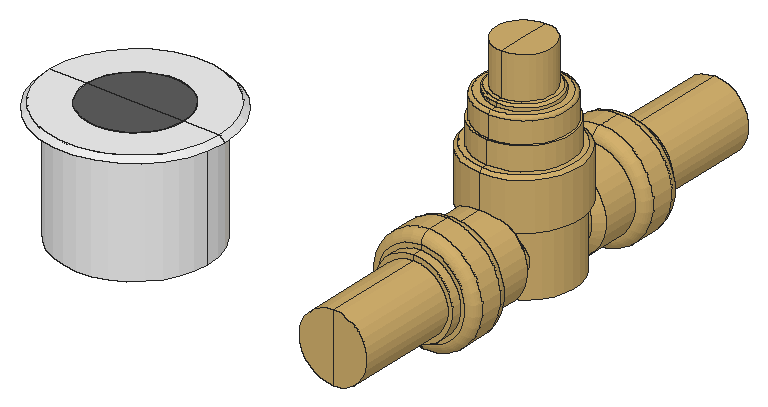
Revit family "PRD_FrankeWS_UrnlFlshngVlvs_F5EUrinalFlushValveForConcealedMounting_F5EF3002", category Plumbing Fixtures, host Face, Revit 2018
Family settings
  Host = Face
  Round Connector Dimension = Use Diameter
  Part Type = Normal
  OmniClass Number = 23.45.05.14.99
  OmniClass Title = Other Sanitary Washing Plumbing Fixtures
  Cut with Voids When Loaded = Yes
  Shared = No
  Room Calculation Point = No
Parameters (values of type "F5EF3002")
  WarrantyStartDate [instance] = "1900-12-31T23:59:59"
  WarrantyGuarantorParts = "n/a"
  WarrantyGuarantorLabor = "n/a"
  WarrantyDurationUnit = "year"
  WarrantyDurationParts = "n/a"
  WarrantyDurationLabor = "n/a"
  WarrantyDescription = "n/a"
  Voltage = 12 V
  ValveVerticalOffset [instance] = 150 mm
  ValveOffsetFromWall [instance] = 100 mm
  ValveMaterial = PRD_AR_ChromatedBrass_HighPolished
  TypeOfTap = "n/a"
  TypeOfSensor = "Opto-electronic sensor"
  TypeOfFlushingFitting = "Urinal flush valve"
  TailorMade = "No"
  Status = "New"
  Reference = "n/a"
  ProductCode = "209.0630.475"
  Version = "1"
  Uniclass2015Version = "Products v1.17"
  Uniclass2015Title = "Urinal flushing valves"
  Uniclass2015Code = "Pr_40_20_93_79"
  URL = "www.kwc.com"
  TypeOfOperation = "Sensor operation"
  TypeOfMounting = "Concealed mounting"
  TypeOfMixing = "n/a"
  ThermalDisinfection = "n/a"
  TagNumber [instance] = "n/a"
  SustainabilityPerformance = "n/a"
  SoundInsulation = "No"
  Size = "n/a"
  Shape = "n/a"
  SerialNumber [instance] = "n/a"
  Revision = "n/a"
  ReplacementCost = "n/a"
  ProtectiveShutdown = "Yes"
  ProductInformation = "https://pim.kwc.com/product/2030062317/attachment/datasheet?locale=en"
  PowerSupplyConnection = "6,75 / 12 V DC / A3000 open"
  PowerFactor = 1
  NominalWidth = 0 mm
  NominalLength = 0 mm
  NominalHeight = 0 mm
  NominalDepth = 0 mm
  NetWeight = 0.00 kg
  Name = "F5E Urinal flush valve for concealed mounting F5EF3002"
  NBSTypeID = "n/a"
  NBSReference = "45-35-70/355"
  NBSOfficeMasterTag = "n/a"
  NBSNote = "n/a"
  NBSDescription = "Urinal flushing valves"
  NBSCertification = "n/a"
  ModelReference = "F5EF3002"
  ModelNumber = "2030062317"
  Model = ModelReference  # "F5EF3002"
  MinimumFlushingFlow = "0.30 liter per second"
  MinimumFlushWaterVolume = "2.00 liter"
  MinimumFlowPressure = "1.00 bar"
  MaximumFlushingFlow = "0.70 liter per second"
  MaximumFlushWaterVolume = "4.00 liter"
  MaximumFlowPressure = "4.00 bar"
  MaterialFitting = "Synthetic"
  Material = "Brass"
  ManufacturerURL = "www.kwc.com"
  ManufacturerName = "KWC Group AG"  # constant formula
  Manufacturer = ManufacturerName  # "KWC Group AG"
  IntegralAccessories = "Battery compartment including battery or power supply unit with extension cable must be ordered separately."
  InstallationDate [instance] = "1900-12-31T23:59:59"
  InletSize = "DN 15"
  IfcExportType = "USERDEFINED"
  IfcExportAs = "IfcSanitaryTerminalType"
  HygieneFlushing = "n/a"
  GrossWeight = 0.69 kg
  Grade = "n/a"
  FunctionalPrinciple = "Electronic self-closing"
  Finish = "Polished chrome"
  Features = "Opto-electronic control. High-polished chrome-plated brass"
  ExpectedLife = "n/a"
  DurationUnit = "year"
  DiameterNominal = 15.000 mm
  Description = "F5E Urinal flush valve DN 15 for concealed mounting, opto-electronic control. With round sensor (diameter 55 mm), with integrated control electronics and deactivation of cleaning, high-polished chrome-plated brass, to be screwed in from rear, with anti-twist protection, solenoid valve with screw fixings G 1/2 B, extension cable for solenoid valve and connection cable for power supply, each 5 m long. Activated water hygiene flushing 24 hours after last activation and saving of statistical data. With option for parameterization and communication via optional, bidirectional remote control. Optional for battery operation with 6 V lithium battery (CR-P2) per fitting or separate power supply via power supply unit 6.75 V/12 V DC or AQUA 3000 open system accessories. Battery compartment including battery or power supply unit with extension cable must be ordered separately."
  Depressurised = "n/a"
  DefaultAutomaticHygieneFlushing = "24h after the last activity"
  Default Elevation = 850 mm
  CreatedOn = "08/2021"  # constant formula
  Constituents = "n/a"
  Color = "n/a"
  CodePerformance = "n/a"
  Category = "Pr_40_20_93_79, Urinal flushing valves"
  BarCode [instance] = "n/a"
  BIMObjectName = "PRD_AR_UrinalFlushingValves_F5EUrinalFlushValveForConcealedMounting_F5EF3002"
  Author = "Archispace"  # constant formula
  AssetType = "Fixed"
  AssetIdentifier [instance] = "n/a"
  ApparentLoad = 0 VA
  AccessibilityPerformance = "n/a"
Reference planes
  plane 1 "Center (Front/Back)": y = 0
  plane 2: z = 0
  plane 3 "Center (Left/Right)": x = 0
  plane 4: z = -100
  plane 5: y = 150
Forms (mm)
  Revolve 1, solid, material "PRD_AR_ChromatedBrass_HighPolished" <- "ValveMaterial", detail levels fine
    sketch origin (0, 0, 0) x (1, 0, 0) y (0, 0, 1)
      loop
        line (-26.2, 1.5) -> (-27.7, 0) -> (-22.5, 0) -> (-22.5, -35.5) -> (0, -35.5) -> (0, 0.2) -> (-15, 0.2) -> (-15, 1.5) -> (-26.2, 1.5)
      axis (0, 1.5) -> (0, -35.5)
    angle from 0 to 360
  Revolve 2, solid, material "PRD_AR_Black", detail levels fine
    sketch origin (0, 0, 0) x (1, 0, 0) y (0, 0, 1)
      loop
        line (-15, 1.5) -> (-15, 0.2) -> (0, 0.2) -> (0, 1.5) -> (-15, 1.5)
      axis (0, 1.5) -> (0, 0.2)
    angle from 0 to 360
  Extrusion 3, void
    sketch origin (0, 104.123, 50) x (0, 1, 0) y (-1, 0, 0)
      loop
        circle (-104.123, 0) r 22.5
    from -85.5 to -50
  Revolve 4, solid, material "PRD_AR_ChromatedBrass_HighPolished" <- "ValveMaterial", detail levels coarse+medium
    sketch origin (0, 0, 0) x (1, 0, 0) y (0, 0, 1)
      loop
        line (-27.7, 1.5) -> (-27.7, 0) -> (-22.5, 0) -> (-22.5, -35.5) -> (0, -35.5) -> (0, 1.5) -> (-27.7, 1.5)
      axis (0, 1.5) -> (0, -35.5)
    angle from 0 to 360
  Revolve 5, void
    sketch origin (0, 0, 0) x (0, 1, 0) y (0, 0, 1)
      loop
        line (167, -46.451) -> (150, -46.451) -> (150, -110.531) -> (167, -110.531) -> (167, -46.451)
      axis (150, -46.451) -> (150, -110.531)
    angle from 0 to 360
  Revolve 6, void
    sketch origin (0, 0, 0) x (0, 1, 0) y (0, 0, 1)
      loop
        line (223.5, -100) -> (223.5, -83.5) -> (76.5, -83.5) -> (76.5, -100) -> (223.5, -100)
      axis (223.5, -100) -> (76.5, -100)
    angle from 0 to 360
Dimensions and locks
  "ValveOffsetFromWall": level to plane 4
  "ValveVerticalOffset": plane 1 "Center (Front/Back)" to plane 5
  locked: Revolve 5 sketch curve to plane 5 at 17
  locked: plane 4 to Revolve 5 sketch curve at 10.531
  locked: Revolve 5 sketch curve to plane 4 at 53.549
  locked: Revolve 6 sketch curve to plane 4 at 16.5
  locked: plane 5 to Revolve 6 sketch curve at 73.5
  locked: Revolve 6 sketch curve to plane 5 at 73.5
  aligned and locked: plane 2 to host face
  aligned and locked: level to host face
  aligned and locked: plane 3 "Center (Left/Right)" to nested 1
  aligned and locked: plane 4 to nested 1
  aligned and locked: nested 1 to plane 5
  aligned and locked: Revolve 5 sketch curve to plane 5
  aligned and locked: plane 5 to Revolve 5 sketch curve
  aligned and locked: Revolve 6 sketch curve to plane 4  (x2)
Automatic sketch dimensions
  host sketch curve to host sketch curve = 567.626 mm
  host sketch curve to host sketch curve = 520.913 mm
  Revolve 1 sketch curve to level = 0 mm
  Revolve 1 sketch curve to plane 3 "Center (Left/Right)" = 0 mm  (x2)
  level to Revolve 1 sketch curve = 1.5 mm
  Revolve 1 sketch curve to plane 3 "Center (Left/Right)" = 15 mm
  Revolve 1 sketch curve to Revolve 1 sketch curve = 7.5 mm
  Revolve 1 sketch curve to Revolve 1 sketch curve = 3.7 mm
  Revolve 1 sketch curve to Revolve 1 sketch curve = 1.5 mm
  Revolve 1 sketch curve to level = 35.5 mm
  level to Revolve 1 sketch curve = 0.2 mm
  Revolve 1 sketch curve to Revolve 1 sketch curve = 9.459 mm
  Revolve 1 sketch curve to Revolve 1 sketch curve = 6.841 mm
  Revolve 2 sketch curve to plane 3 "Center (Left/Right)" = 0 mm  (x2)
  level to Revolve 2 sketch curve = 1.5 mm
  Revolve 2 sketch curve to Revolve 2 sketch curve = 15 mm
  level to Revolve 2 sketch curve = 0.2 mm
  Revolve 2 sketch curve to Revolve 2 sketch curve = 2.158 mm
  Revolve 2 sketch curve to Revolve 2 sketch curve = 1.828 mm
  plane 1 "Center (Front/Back)" to Extrusion 3 sketch curve = 0 mm
  Extrusion 3 sketch curve to plane 3 "Center (Left/Right)" = 0 mm
  Revolve 4 sketch curve to level = 0 mm
  Revolve 4 sketch curve to plane 3 "Center (Left/Right)" = 0 mm  (x2)
  Revolve 4 sketch curve to plane 3 "Center (Left/Right)" = 22.5 mm
  level to Revolve 4 sketch curve = 1.5 mm
  Revolve 4 sketch curve to Revolve 4 sketch curve = 5.2 mm
  Revolve 4 sketch curve to level = 35.5 mm
  Revolve 4 sketch curve to Revolve 4 sketch curve = 8.159 mm
  Revolve 4 sketch curve to Revolve 4 sketch curve = 6.841 mm
  Revolve 5 sketch curve to Revolve 5 sketch curve = 23.766 mm
  Revolve 5 sketch curve to Revolve 5 sketch curve = 20 mm
  Revolve 6 sketch curve to Revolve 6 sketch curve = 10 mm
  Revolve 6 sketch curve to plane 1 "Center (Front/Back)" = 6.5 mm
  radius of Extrusion 3 sketch curve = 22.5 mm
Nested families
  nested 1: "Valve" at (0, 150, -100), type "Valve"
Connectors
  piping at (0, 223.5, -100), diameter 15, driven by "DiameterNominal", driven by "InletSize"
    settings: on nested 1, index 1, connector inside diameter 609.600 mm, connector length 0 mm, flow factor 0, pipe flow 0.0 L/s, pressure drop 0.0 Pa, fitting loss kfactor 0, connector angle 0.00°, fixture units 0, engagement length 0 mm, angle of deflection 0.00°, flow configuration 0, flow direction 1, fitting loss method 0, system type 7, joint type 0, gender type 0, connector reference index -1, connector utility 0, adjustable connector no, is connector primary yes, connector description "DN 15"
  electrical at (0, 0, -35.5), driven by "Voltage", driven by "PowerFactor", driven by "ApparentLoad"
    settings: on host face, index 2, voltage 12 V, apparent load 0 VA, apparent load phase1 0 VA, apparent load phase2 0 VA, apparent load phase3 0 VA, power factor 1, load classification "Other", number of poles 1, system type 30, power factor state 1, is connector primary yes, connector utility no, sub classification motor no, connector description ""
Definition of nested family "Valve"
  Parameters (values of type "Family1")
    Material = none
  Reference planes
    plane 1 "Center (Front/Back)": y = 0
    plane 2: z = 0
    plane 3 "Center (Left/Right)": x = 0
    plane 4: z = 0
  Forms (mm)
    Revolve 1, solid, material <- "Material", detail levels fine
      sketch origin (0, 0, 0) x (0, 0, 1) y (0, 1, 0)
        loop
          line (53.549, 0) -> (-10.531, 0) -> (-10.531, -15.425) -> (8.995, -15.425) -> (8.995, -17) -> (23.5, -17) -> (24.5, -16) -> (24.5, -14.3) -> (31.5, -14.3) -> (31.5, -13.5) -> (38, -13.5)
          arc (38, -13.5) -> (38.707, -13.207) -> (39, -12.5) r 1
          line (39, -12.5) -> (39, -10.5) -> (39.917, -10.5) -> (40.614, -9.915) -> (40.614, -8.543) -> (53.549, -8.543) -> (53.549, 0)
        axis (-10.531, 0) -> (53.549, 0)
      angle from 0 to 360
    Revolve 2, solid, material <- "Material", detail levels fine
      sketch origin (0, 0, 0) x (0, 0, 1) y (0, 1, 0)
        loop
          line (-13.22, 26.246) -> (-13.22, 15.425) -> (-10.531, 12.736) -> (-10.531, -12.736) -> (-13.22, -15.425) -> (-13.22, -26.246)
          arc (-13.22, -26.246) -> (-15.521, -27.199) -> (-16.474, -29.5) r 3.254
          line (-16.474, -29.5) -> (-16.474, -36.5)
          arc (-16.474, -36.5) -> (-15.596, -38.621) -> (-13.474, -39.5) r 3
          line (-13.474, -39.5) -> (-12, -39.5) -> (-12, -42.5) -> (-10.5, -42.5) -> (-10.5, -73.5) -> (0, -73.5) -> (0, 73.5) -> (-10.5, 73.5) -> (-10.5, 42.5) -> (-12, 42.5) -> (-12, 39.5) -> (-13.474, 39.5)
          arc (-13.474, 39.5) -> (-15.596, 38.621) -> (-16.474, 36.5) r 3
          line (-16.474, 36.5) -> (-16.474, 29.5)
          arc (-16.474, 29.5) -> (-15.521, 27.199) -> (-13.22, 26.246) r 3.254
        axis (0, -73.5) -> (0, 73.5)
      angle from 0 to 360
    Revolve 3, solid, material <- "Material", detail levels coarse+medium
      sketch origin (0, 0, 0) x (0, 0, 1) y (0, 1, 0)
        loop
          line (0, 73.5) -> (-16.5, 73.5) -> (-16.5, -73.5) -> (0, -73.5) -> (0, 73.5)
        axis (0, 73.5) -> (0, -73.5)
      angle from 0 to 360
    Revolve 4, solid, material <- "Material", detail levels coarse+medium
      sketch origin (0, 0, 0) x (0, 0, 1) y (0, 1, 0)
        loop
          line (-10.531, 0) -> (-10.531, -17) -> (53.549, -17) -> (53.549, 0) -> (-10.531, 0)
        axis (-10.531, 0) -> (53.549, 0)
      angle from 0 to 360
  Cuts and joins
    joined: Revolve 1, Revolve 2
    joined: Revolve 3, Revolve 4
  Dimensions and locks
    aligned and locked: level to plane 2
